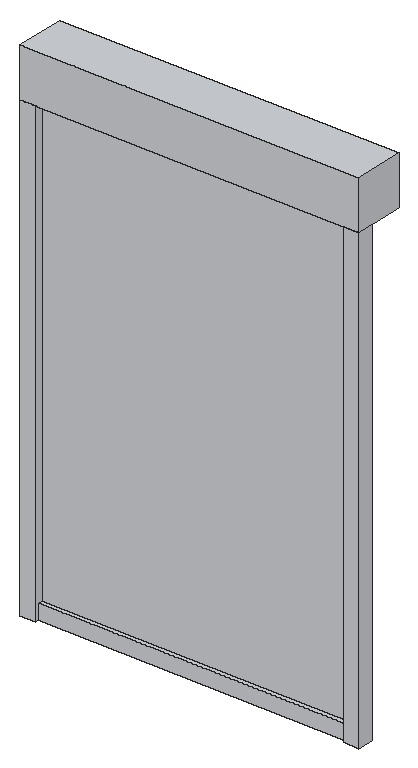
Revit family "Screen", category Windows, host Wall, Revit 2017
Family settings
  Host = Wall
  OmniClass Number = 23.30.20.00
  OmniClass Title = Windows
  Always vertical = Yes
  Cut with Voids When Loaded = No
  Shared = No
  Room Calculation Point = Yes
Parameters (values of type "Voorbouw op gevel")
  Zonwering passief [instance] = not(Zonwering actief)  # no
  Zonwering actief [instance] = yes
  Zijgeleiders op gevel = yes
  Zijgeleiders achterkant [instance] = if(Zijgeleiders op gevel, 0 mm, Dag diepte)  # 0 mm
  Zijgeleider diepte [instance] = 50 mm
  Zijgeleider breedte [instance] = 50 mm
  Voorzetwand buiten [instance] = 0 mm
  URL = ""
  Profielen kleur [instance] = none
  Productiehoogte dagmaat = no
  Productiehoogte [instance] = if(Productiehoogte dagmaat, Height, Height + Kast hoogte)  # 1660 mm
  Productiebreedte dagmaat = no
  Productiebreedte [instance] = if(Productiebreedte dagmaat, Width, Width + 2 * Zijgeleider breedte)  # 1100 mm
  Plansymboliek = yes
  Onderlat voorkant [instance] = Onderlat diepte / 2  # 15 mm
  Onderlat hoogte [instance] = 50 mm
  Onderlat diepte [instance] = 30 mm
  Onderlat achterkant [instance] = -Onderlat diepte / 2  # -15 mm
  Minimum hoogte [instance] = 500 mm  # constant formula
  Minimum breedte [instance] = 600 mm  # constant formula
  Kast offset [instance] = if(Kast bovenop raam, Kast diepte - Zijgeleider diepte, 0 mm)  # 0 mm
  Kast hoogte [instance] = 160 mm
  Kast diepte [instance] = 160 mm
  Kast bovenop raam = no
  Height [instance] = 1500 mm
  Gebruikerstips = "www.verozo.be/bim"
  Doek kleur [instance] = none
  Default Sill Height = 800 mm
  Wall Closure = Neither
  Width [instance] = 1000 mm
  Dag diepte [instance] = 100 mm
  Content creator = "Verozo"  # constant formula
Types (5, lengths in mm): name | Zijgeleiders op gevel | Zijgeleiders achterkant | Productiehoogte dagmaat | Productiehoogte | Productiebreedte dagmaat | Productiebreedte | Plansymboliek | Kast offset | Kast bovenop raam | Dag diepte
  (no name) | yes | 0 | no | 1660 | no | 1100 | yes | 0 | no | 100
  Voorbouw op raam - in dag | no | 160 | yes | 1500 | yes | 1000 | yes | 0 | no | 160
  Voorbouw op gevel | yes | 0 | no | 1660 | no | 1100 | yes | 0 | no | 100
  Opbouw op raam | no | 180 | no | 1660 | no | 1100 | no | 110 | yes | 180
  Voorbouw op raam - achter slag | no | 215 | no | 1660 | no | 1100 | no | 0 | no | 215
Reference planes
  plane 1 "Center (Front/Back)": y = 0
  plane 2 "Center (Left/Right)": x = 0
  plane 3 "Left": x = -500
  plane 4 "Right": x = 500
  plane 5 "Sill": z = 800
  plane 6 "Head": z = 2300
  plane 7 "Exterior": y = 100
  plane 8 "Interior": y = -100
  plane 9 "Voorzetwand buiten": y = 100
  plane 10: y = 0
  plane 11 "Zijgeleiders achterkant": y = 100
  plane 12 "Zijgeleider links": x = 550
  plane 13 "Zijgeleider rechts": x = -550
  plane 14 "Kast boven": z = 2460
  plane 15 "Zijgeleiders onder": z = 800
  plane 16 "Zijgeleiders boven": z = 2300
  plane 17 "Positie doek": y = 125
Forms (mm)
  Sweep 1, solid, material <- "Profielen kleur"
    path origin (0, 100, 0) x (1, 0, 0) y (0, 0, 1)
      loop
        line (550, 800) -> (550, 2300)
    profile "Zijgeleider : Zijgeleider" origin (550, 100, 1550) x (-1, 0, 0) y (0, -1, 0)
      loop
        line (0, 0) -> (0, -50) -> (50, -50) -> (50, 0) -> (0, 0)
  Sweep 2, solid, material <- "Profielen kleur"
    path origin (0, 100, 0) x (1, 0, 0) y (0, 0, 1)
      loop
        line (-550, 2300) -> (-550, 800)
    profile "Zijgeleider : Zijgeleider" origin (-550, 100, 1550) x (1, 0, 0) y (0, -1, 0)
      loop
        line (0, 0) -> (0, -50) -> (50, -50) -> (50, 0) -> (0, 0)
  Sweep 3, solid, material <- "Profielen kleur"
    path origin (0, 100, 0) x (1, 0, 0) y (0, 0, 1)
      loop
        line (550, 2460) -> (-550, 2460)
    profile "Kast : Kast" origin (0, 100, 2460) x (0, 0, -1) y (0, -1, 0)
      loop
        line (0, 0) -> (0, -160) -> (160, -160) -> (160, 0) -> (0, 0)
  Sweep 4, void
    path origin (0, 100, 0) x (1, 0, 0) y (0, 0, 1)
      loop
        line (550, 800) -> (550, 2300)
    profile "Zijgeleider : Zijgeleider" origin (550, 100, 1550) x (-1, 0, 0) y (0, -1, 0)
      loop
        line (0, 0) -> (0, -50) -> (50, -50) -> (50, 0) -> (0, 0)
  Extrusion 5, void
    sketch origin (0, 100, 0) x (1, 0, 0) y (0, 0, 1)
      loop
        line (500, 2300) -> (-500, 2300) -> (-500, 800) -> (500, 800) -> (500, 2300)
    from 0 to 200
  Sweep 6, void
    path origin (0, 100, 0) x (1, 0, 0) y (0, 0, 1)
      loop
        line (-550, 2300) -> (-550, 800)
    profile "Zijgeleider : Zijgeleider" origin (-550, 100, 1550) x (1, 0, 0) y (0, -1, 0)
      loop
        line (0, 0) -> (0, -50) -> (50, -50) -> (50, 0) -> (0, 0)
  Sweep 7, void
    path origin (0, 100, 0) x (1, 0, 0) y (0, 0, 1)
      loop
        line (550, 2460) -> (-550, 2460)
    profile "Kast : Kast" origin (0, 100, 2460) x (0, 0, -1) y (0, -1, 0)
      loop
        line (0, 0) -> (0, -160) -> (160, -160) -> (160, 0) -> (0, 0)
  Extrusion 8, solid, material <- "Doek kleur", visible <- "Zonwering actief"
    sketch origin (0, 125, 0) x (1, 0, 0) y (0, 0, 1)
      loop
        line (500, 2300) -> (-500, 2300) -> (-500, 850) -> (500, 850) -> (500, 2300)
    from 0.5 to -0.5
  Extrusion 9, solid, material <- "Profielen kleur", visible <- "Zonwering actief"
    sketch origin (0, 125, 0) x (1, 0, 0) y (0, 0, 1)
      loop
        line (500, 850) -> (-500, 850) -> (-500, 800) -> (500, 800) -> (500, 850)
    from 15 <- "Onderlat voorkant" to -15 <- "Onderlat achterkant"
  Extrusion 10, void
    sketch origin (0, 100, 0) x (1, 0, 0) y (0, 0, 1)
      loop
        line (510, 2310) -> (511, 2310) -> (511, 2311) -> (510, 2311) -> (510, 2310)
    from 10 to 11
Lines and regions (mm)
  symbolic lines, style "WindowsHiddenLines", visible <- "Plansymboliek"
    curve 1: line (-550, 100, 0) -> (550, 100, 0)
    curve 2: line (550, 260, 0) -> (550, 100, 0)
    curve 3: line (550, 260, 0) -> (-550, 260, 0)
    curve 4: line (-550, 260, 0) -> (-550, 100, 0)
Text (mm)
  text "EXTERIOR" at (-1963.203, 1332.353, 0), in view "Ref. Level"
  text "INTERIOR" at (-1981.466, -818.386, 0), in view "Ref. Level"
  text "Exterior" at (0, 923.751, 2943.296), in view "Right"
  text "Exterior" at (0, 1040.484, 2685.409), in view "Left"
Dimensions and locks
  equal spacing: plane 3 "Left", plane 2 "Center (Left/Right)", plane 4 "Right"
  "Width": plane 3 "Left" to plane 4 "Right"
  "Height": plane 5 "Sill" to plane 6 "Head"
  "Default Sill Height": plane 5 "Sill" to level
  locked: plane 7 "Exterior" to host wall at 0
  locked: plane 8 "Interior" to host wall
  "Voorzetwand buiten": plane 7 "Exterior" to plane 9 "Voorzetwand buiten"
  "Dag diepte": plane 10 to plane 9 "Voorzetwand buiten"
  "Zijgeleiders achterkant": plane 11 "Zijgeleiders achterkant" to plane 9 "Voorzetwand buiten"
  "Productiebreedte": plane 13 "Zijgeleider rechts" to plane 12 "Zijgeleider links"
  equal spacing: plane 13 "Zijgeleider rechts", plane 2 "Center (Left/Right)", plane 12 "Zijgeleider links"
  "Productiehoogte": plane 15 "Zijgeleiders onder" to plane 14 "Kast boven"
  "Kast hoogte": plane 16 "Zijgeleiders boven" to plane 14 "Kast boven"
  "Onderlat hoogte": plane 15 "Zijgeleiders onder" to Extrusion 8 sketch curve
  "Zijgeleider breedte": Extrusion 8 sketch curve to plane 12 "Zijgeleider links"
  "Zijgeleider breedte": Extrusion 8 sketch curve to plane 13 "Zijgeleider rechts"
  locked: plane 11 "Zijgeleiders achterkant" to plane 17 "Positie doek" at 25
  "Onderlat hoogte": plane 15 "Zijgeleiders onder" to Extrusion 9 sketch curve
  "Zijgeleider breedte": Extrusion 9 sketch curve to plane 12 "Zijgeleider links"
  "Zijgeleider breedte": Extrusion 9 sketch curve to plane 13 "Zijgeleider rechts"
  plane 6 "Head" to Extrusion 10 sketch curve to Extrusion 10 sketch curve = 10 mm locked, 1 mm locked
  Extrusion 10 sketch curve to Extrusion 10 sketch curve to plane 4 "Right" = 1 mm locked, 10 mm locked
  aligned and locked: plane 16 "Zijgeleiders boven" to Sweep 1 sketch curve
  aligned and locked: plane 15 "Zijgeleiders onder" to Sweep 1 sketch curve
  aligned and locked: plane 12 "Zijgeleider links" to Sweep 1 sketch curve
  aligned and locked: plane 16 "Zijgeleiders boven" to Sweep 2 sketch curve
  aligned and locked: plane 15 "Zijgeleiders onder" to Sweep 2 sketch curve
  aligned and locked: plane 13 "Zijgeleider rechts" to Sweep 2 sketch curve
  aligned and locked: plane 12 "Zijgeleider links" to Sweep 3 sketch curve
  aligned and locked: plane 13 "Zijgeleider rechts" to Sweep 3 sketch curve
  aligned and locked: Sweep 3 sketch curve to plane 14 "Kast boven"
  aligned and locked: plane 15 "Zijgeleiders onder" to plane 5 "Sill"
  aligned and locked: plane 4 "Right" to Extrusion 5 sketch curve
  aligned and locked: plane 6 "Head" to Extrusion 5 sketch curve
  aligned and locked: Extrusion 5 sketch curve to plane 3 "Left"
  aligned and locked: Extrusion 5 sketch curve to plane 5 "Sill"
  aligned and locked: plane 8 "Interior" to Extrusion 5
  aligned and locked: plane 16 "Zijgeleiders boven" to Sweep 4 sketch curve
  aligned and locked: plane 15 "Zijgeleiders onder" to Sweep 4 sketch curve
  aligned and locked: plane 12 "Zijgeleider links" to Sweep 4 sketch curve
  aligned and locked: plane 16 "Zijgeleiders boven" to Sweep 6 sketch curve
  aligned and locked: plane 15 "Zijgeleiders onder" to Sweep 6 sketch curve
  aligned and locked: plane 13 "Zijgeleider rechts" to Sweep 6 sketch curve
  aligned and locked: plane 12 "Zijgeleider links" to Sweep 7 sketch curve
  aligned and locked: plane 13 "Zijgeleider rechts" to Sweep 7 sketch curve
  aligned and locked: Sweep 7 sketch curve to plane 14 "Kast boven"
  aligned and locked: Extrusion 8 sketch curve to plane 16 "Zijgeleiders boven"
  aligned and locked: plane 15 "Zijgeleiders onder" to Extrusion 9 sketch curve
  aligned and locked: curve 1 to Sweep 3
  aligned and locked: curve 2 to Sweep 3
  aligned and locked: curve 3 to Sweep 3
  aligned and locked: curve 4 to Sweep 3
